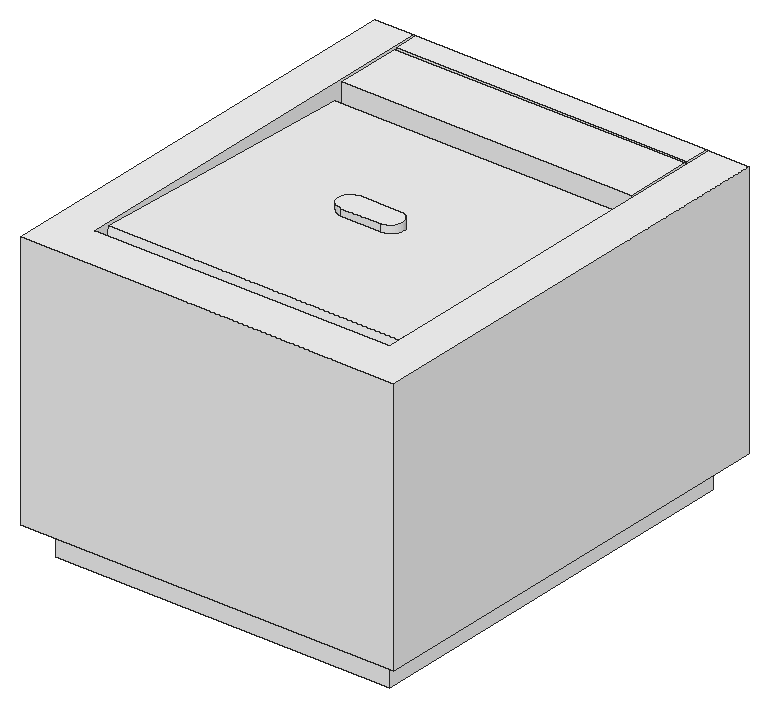
Revit family "Gira_010230", category Electrical Fixtures, host Face, Revit 2017
Family settings
  Host = Face
  Maintain Annotation Orientation = Yes
  Round Connector Dimension = Use Diameter
  Part Type = Normal
  Cut with Voids When Loaded = No
  Shared = No
  Room Calculation Point = No
Parameters (values of type "Rocker sw. CB 2-p WP surface-mounted grey")
  With mounting plate = "No"
  Wiring system = "2-pole switch"
  White [instance] = White
  Washing machine switch = "No"
  URL = "http://katalog.gira.de/en/datenblatt.html?artikelnr=010230"
  Type of lighting = "Not included"
  Type of fastening = "Screw mounting"
  Surface protection = "Other"
  Suitable for degree of protection (IP) = "IP44"
  Rated current = "10"
  Push button switch = "No"
  Number of rockers = "1"
  Number of modules (module system) = "1"
  Nominal voltage = "250"
  Name = "Rocker sw. CB 2-p WP surface-mounted grey"
  Mounting method = "Surface mounted (plaster)"
  Method of operation = "Rocker/button"
  Material quality = "Other"
  Material = "Other"
  Manufacturer URL = "https://www.gira.de/"
  Manufacturer = "Gira"
  Label space/information surface = "Yes"
  Illumination = "Yes"
  HeinzeBIM = "https://bimportal.heinze.de/bim/rocker-sw-cb-2-p-wp-surface-mounted-grey/3349c1d734a3047e0882ab7385c95afd905fc171"
  Halogen free = "No"
  HAN = "010230"
  GTIN = "4010337102304"
  Function lighting = "Control and orientation"
  Feedback-signal contact = "No"
  Description = "Rock.sw.CB 2-p WP SM GY,Rocker switch 10 AX 250 V~,Circuit breaker, 2-pole,grey,Notes :,- Can also be connected with illumination."
  Default Elevation = 1219.2 mm
  Data sheet (1) = "https://katalog.gira.de/en/download.html?artikelnr=010230"
  Connection type = "Plug clamp"
  Colour = "Grey"
  Category = "Switch"
  BIM (1) = "https://media.stage.bim.site/public/gira/36a6b08/IP44_Komplettgerät_Schalten und Tasten.rfa?public/gira/36a6b08/IP44_Komplettgerät_Schalten und Tasten.rfa"
  Available = "No"
  Assembly arrangement = "Basic element with complete housing"
Reference planes
  plane 1 "Center (Front/Back)": y = 0
  plane 2: z = 0
  plane 3 "Center (Left/Right)": x = 0
  plane 4: x = 30
  plane 5: x = -30
  plane 6: z = 41.4
Forms (mm)
  Extrusion 1, solid, material "White" <- "White", detail levels medium+fine
    sketch origin (0, 0, 0) x (1, 0, 0) y (0, 1, 0)
      loop
        line (-34, 41) -> (-34, -41) -> (34, -41) -> (34, 41) -> (-34, 41)
    from 0 to -6.2
  Extrusion 2, solid, material "White" <- "White", detail levels medium+fine
    sketch origin (0, 0, 0) x (1, 0, 0) y (0, 1, 0)
      loop
        line (-38, 45) -> (-38, -45) -> (38, -45) -> (38, 45) -> (-38, 45)
    from 0 to 52.4
  Extrusion 3, void
    sketch origin (0, 0, 0) x (1, 0, 0) y (0, 0, 1)
      loop
        line (-30, 59.413) -> (-30, 41.4) -> (30, 41.4) -> (30, 59.413) -> (-30, 59.413)
    from 36 to -113.06
  Extrusion 4, solid, material "White" <- "White", detail levels medium
    sketch origin (225, 0, 0) x (1, 0, 0) y (0, 1, 0)
      loop
        line (-254.5, 44.5) -> (-254.5, -35.5) -> (-195.5, -35.5) -> (-195.5, 44.5) -> (-254.5, 44.5)
    from 41.4 to 52.4
  Extrusion 5, solid, material "White" <- "White", detail levels fine
    sketch origin (0, 0, 0) x (1, 0, 0) y (0, 1, 0)
      loop
        line (-29.5, 45) -> (-29.5, 40) -> (29.5, 40) -> (29.5, 45) -> (-29.5, 45)
    from 41.4 to 52.4
  Extrusion 6, solid, material "White" <- "White", detail levels fine
    sketch origin (0, 0, 0) x (1, 0, 0) y (0, 1, 0)
      loop
        line (29.5, 39.5) -> (-29.5, 39.5) -> (-29.5, 26) -> (29.5, 26) -> (29.5, 39.5)
    from 41.4 to 52.4
  Extrusion 7, solid, material "White" <- "White", detail levels fine
    sketch origin (0, 0, 0) x (1, 0, 0) y (0, 1, 0)
      loop
        arc (-4, -1) -> (-6.5, -3.5) -> (-4, -6) r 2.5
        line (-4, -6) -> (4, -6)
        arc (4, -6) -> (6.5, -3.5) -> (4, -1) r 2.5
        line (4, -1) -> (-4, -1)
    from 41.4 to 52.4
  Extrusion 8, solid, material "White" <- "White", detail levels coarse
    sketch origin (0, 0, 0) x (1, 0, 0) y (0, 1, 0)
      loop
        line (-38, 46) -> (-38, -45) -> (38, -45) -> (38, 46) -> (-38, 46)
    from -6.2 to 52.4
  Extrusion 9, solid, material "White" <- "White", detail levels medium+fine
    sketch origin (0, 0, 0) x (1, 0, 0) y (0, 0, 1)
      loop
        circle (0, 14) r 3.6
    from -46 to -45
  Extrusion 10, solid, material "White" <- "White", detail levels fine
    sketch origin (0, 0, 0) x (0, 1, 0) y (0, 0, 1)
      loop
        line (-36, 41.4) -> (26, 41.4) -> (24.38, 49.736) -> (-33.115, 52.169) -> (-36, 41.4)
    from -29.5 to 29.5
Cuts and joins
  Extrusion 3 cuts Extrusion 2
Dimensions and locks
  aligned and locked: plane 2 to host face
  aligned and locked: level to host face
  aligned and locked: plane 3 "Center (Left/Right)" to nested 1
  aligned and locked: plane 1 "Center (Front/Back)" to nested 1
Nested families
  nested 1: "Schalter" at (0, 0, 0), type "Schalter"
Connectors
  electrical at (0, 0, -6.2)
    settings: on Extrusion 1, index 1, voltage 224 V, apparent load 0 VA, apparent load phase1 0 VA, apparent load phase2 0 VA, apparent load phase3 0 VA, power factor 1, load classification "Other", number of poles 1, system type 30, power factor state 1, is connector primary yes, connector utility no, sub classification motor no, connector description ""
Definition of nested family "Schalter"
  Reference planes
    plane 1: y = 0
    plane 2: x = 0
  Lines and regions (mm)
    detail lines
      curve 1: circle (1.375, 2.778, 0) r 0.8 normal (0, 0, 1)
      curve 2: line (1.021, 2.061, 0) -> (0, 0, 0)
      curve 3: line (0, 0, 0) -> (-0.538, 0.266, 0)
  Dimensions and locks
    curve 2 to curve 2 = 2.3 mm
    curve 3 to curve 2 = 0.6 mm
    radius of curve 1 = 0.8 mm
